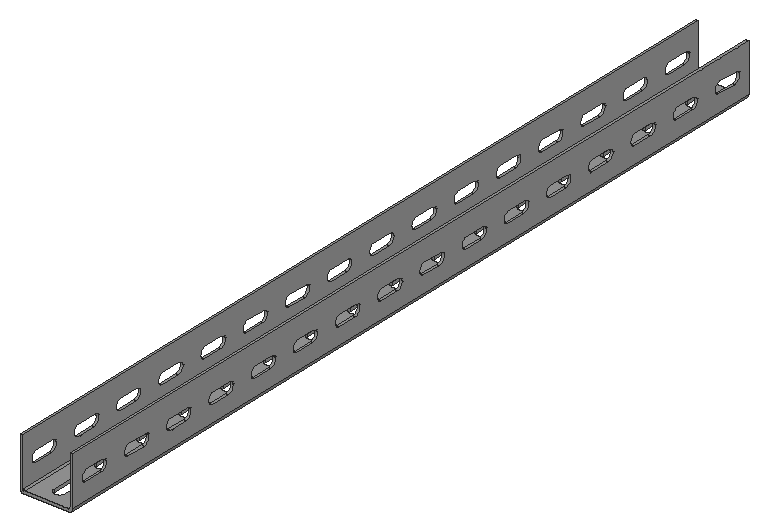
Revit family "U-Stiel, US 5 80 FT,A2,A4", category Generic Models, Revit 2017
Family settings
  Can host rebar = No
  Round Connector Dimension = Use Diameter
  Part Type = Normal
  Work Plane-Based = No
  Always vertical = Yes
  Cut with Voids When Loaded = No
  Shared = No
  Room Calculation Point = No
Parameters (values of type "US 5 80 FT")
  Width 1 = Width / 2  # 25 mm
  Width = 50 mm
  URL = "http://www.obo-bettermann.com"
  Material = Hot-dip galvanised
  Manufacturer Art.No. = "6340954"
  Manufacturer = "OBO Bettermann"
  Length = 800 mm
  Height = 50 mm
  GTIN = "4012196044047"
  Cut's space = 50 mm
  Cut's number = Length / Cut's space  # 16
  Article Type = "US 5 80 FT"
Types (4, lengths in mm): name | Material | Manufacturer Art.No. | GTIN | Article Type
  (no name) | Hot-dip galvanised | "6340954" | "4012196044047" | "US 5 80 FT"
  US 5 80 FT | Hot-dip galvanised | "6340954" | "4012196044047" | "US 5 80 FT"
  US 5 80 A2 | Stainless steel, A2 | "6341125" | "4012196081912" | "US 5 80 A2"
  US 5 80 A4 | Stainless steel, A4 | "6341063" | "4012196237135" | "US 5 80 A4"
Reference planes
  plane 1 "Center (Front/Back)": y = 0
  plane 2: z = 0
  plane 3 "Center (Left/Right)": x = 0
  plane 4: z = 50
  plane 5: y = 25
  plane 6: z = 25
  plane 7: y = 75
  plane 8: y = 10
  plane 9: y = 40
  plane 10: y = 75
  plane 11: y = 90
  plane 12: y = 140
  plane 13: y = 190
  plane 14: y = 240
  plane 15: y = 290
  plane 16: y = 340
  plane 17: y = 390
  plane 18: y = 440
  plane 19: y = 490
  plane 20: y = 540
  plane 21: y = 590
  plane 22: y = 640
  plane 23: y = 690
  plane 24: y = 740
  plane 25: y = 790
Forms (mm)
  Extrusion 1, solid, material "Hot-dip galvanised" <- "Material"
    sketch origin (0, 0, 0) x (1, 0, 0) y (0, 0, 1)
      loop
        line (-25, 50) -> (-25, 3.7)
        arc (-25, 3.7) -> (-23.916, 1.084) -> (-21.3, 0) r 3.7
        line (-21.3, 0) -> (21.336, 0)
        arc (21.336, 0) -> (23.927, 1.073) -> (25, 3.664) r 3.664
        line (25, 3.664) -> (25, 50) -> (22.5, 50) -> (22.5, 4)
        arc (22.5, 4) -> (22.061, 2.939) -> (21, 2.5) r 1.5
        line (21, 2.5) -> (-21, 2.5)
        arc (-21, 2.5) -> (-22.061, 2.939) -> (-22.5, 4) r 1.5
        line (-22.5, 4) -> (-22.5, 50) -> (-25, 50)
    from -800 to 0
  Extrusion 2, void
    sketch origin (0, 0, 0) x (0, 1, 0) y (0, 0, 1)
      loop
        arc (15.607, 30.5) -> (10.107, 25) -> (15.607, 19.5) r 5.5
        line (15.607, 19.5) -> (34.607, 19.5)
        arc (34.607, 19.5) -> (40.107, 25) -> (34.607, 30.5) r 5.5
        line (34.607, 30.5) -> (15.607, 30.5)
    from 22.5 to 25
  Extrusion 3, void
    sketch origin (0, -100, 0) x (0, -1, 0) y (0, 0, 1)
      loop
        line (-115.607, 30.5) -> (-134.607, 30.5)
        arc (-134.607, 30.5) -> (-140.107, 25) -> (-134.607, 19.5) r 5.5
        line (-134.607, 19.5) -> (-115.607, 19.5)
        arc (-115.607, 19.5) -> (-110.107, 25) -> (-115.607, 30.5) r 5.5
    from 22.5 to 25
  Extrusion 4, void
    sketch origin (0, -50, 0) x (0, -1, 0) y (0, 0, 1)
      loop
        line (-115.607, 30.5) -> (-134.607, 30.5)
        arc (-134.607, 30.5) -> (-140.107, 25) -> (-134.607, 19.5) r 5.5
        line (-134.607, 19.5) -> (-115.607, 19.5)
        arc (-115.607, 19.5) -> (-110.107, 25) -> (-115.607, 30.5) r 5.5
    from 22.5 to 25
  Extrusion 5, void
    sketch origin (0, 0, 0) x (0, -1, 0) y (0, 0, 1)
      loop
        line (-115.607, 30.5) -> (-134.607, 30.5)
        arc (-134.607, 30.5) -> (-140.107, 25) -> (-134.607, 19.5) r 5.5
        line (-134.607, 19.5) -> (-115.607, 19.5)
        arc (-115.607, 19.5) -> (-110.107, 25) -> (-115.607, 30.5) r 5.5
    from 22.5 to 25
  Extrusion 6, void
    sketch origin (0, 50, 0) x (0, -1, 0) y (0, 0, 1)
      loop
        line (-115.607, 30.5) -> (-134.607, 30.5)
        arc (-134.607, 30.5) -> (-140.107, 25) -> (-134.607, 19.5) r 5.5
        line (-134.607, 19.5) -> (-115.607, 19.5)
        arc (-115.607, 19.5) -> (-110.107, 25) -> (-115.607, 30.5) r 5.5
    from 22.5 to 25
  Extrusion 7, void
    sketch origin (0, 100, 0) x (0, -1, 0) y (0, 0, 1)
      loop
        line (-115.607, 30.5) -> (-134.607, 30.5)
        arc (-134.607, 30.5) -> (-140.107, 25) -> (-134.607, 19.5) r 5.5
        line (-134.607, 19.5) -> (-115.607, 19.5)
        arc (-115.607, 19.5) -> (-110.107, 25) -> (-115.607, 30.5) r 5.5
    from 22.5 to 25
  Extrusion 8, void
    sketch origin (0, 150, 0) x (0, -1, 0) y (0, 0, 1)
      loop
        line (-115.607, 30.5) -> (-134.607, 30.5)
        arc (-134.607, 30.5) -> (-140.107, 25) -> (-134.607, 19.5) r 5.5
        line (-134.607, 19.5) -> (-115.607, 19.5)
        arc (-115.607, 19.5) -> (-110.107, 25) -> (-115.607, 30.5) r 5.5
    from 22.5 to 25
  Extrusion 9, void
    sketch origin (0, 200, 0) x (0, -1, 0) y (0, 0, 1)
      loop
        line (-115.607, 30.5) -> (-134.607, 30.5)
        arc (-134.607, 30.5) -> (-140.107, 25) -> (-134.607, 19.5) r 5.5
        line (-134.607, 19.5) -> (-115.607, 19.5)
        arc (-115.607, 19.5) -> (-110.107, 25) -> (-115.607, 30.5) r 5.5
    from 22.5 to 25
  Extrusion 10, void
    sketch origin (0, 250, 0) x (0, -1, 0) y (0, 0, 1)
      loop
        line (-115.607, 30.5) -> (-134.607, 30.5)
        arc (-134.607, 30.5) -> (-140.107, 25) -> (-134.607, 19.5) r 5.5
        line (-134.607, 19.5) -> (-115.607, 19.5)
        arc (-115.607, 19.5) -> (-110.107, 25) -> (-115.607, 30.5) r 5.5
    from 22.5 to 25
  Extrusion 11, void
    sketch origin (0, 300, 0) x (0, -1, 0) y (0, 0, 1)
      loop
        line (-115.607, 30.5) -> (-134.607, 30.5)
        arc (-134.607, 30.5) -> (-140.107, 25) -> (-134.607, 19.5) r 5.5
        line (-134.607, 19.5) -> (-115.607, 19.5)
        arc (-115.607, 19.5) -> (-110.107, 25) -> (-115.607, 30.5) r 5.5
    from 22.5 to 25
  Extrusion 12, void
    sketch origin (0, 350, 0) x (0, -1, 0) y (0, 0, 1)
      loop
        line (-115.607, 30.5) -> (-134.607, 30.5)
        arc (-134.607, 30.5) -> (-140.107, 25) -> (-134.607, 19.5) r 5.5
        line (-134.607, 19.5) -> (-115.607, 19.5)
        arc (-115.607, 19.5) -> (-110.107, 25) -> (-115.607, 30.5) r 5.5
    from 22.5 to 25
  Extrusion 13, void
    sketch origin (0, 400, 0) x (0, -1, 0) y (0, 0, 1)
      loop
        line (-115.607, 30.5) -> (-134.607, 30.5)
        arc (-134.607, 30.5) -> (-140.107, 25) -> (-134.607, 19.5) r 5.5
        line (-134.607, 19.5) -> (-115.607, 19.5)
        arc (-115.607, 19.5) -> (-110.107, 25) -> (-115.607, 30.5) r 5.5
    from 22.5 to 25
  Extrusion 14, void
    sketch origin (0, 450, 0) x (0, -1, 0) y (0, 0, 1)
      loop
        line (-115.607, 30.5) -> (-134.607, 30.5)
        arc (-134.607, 30.5) -> (-140.107, 25) -> (-134.607, 19.5) r 5.5
        line (-134.607, 19.5) -> (-115.607, 19.5)
        arc (-115.607, 19.5) -> (-110.107, 25) -> (-115.607, 30.5) r 5.5
    from 22.5 to 25
  Extrusion 15, void
    sketch origin (0, 0, 0) x (1, 0, 0) y (0, 1, 0)
      loop
        arc (-5.5, 15.5) -> (0, 10) -> (5.5, 15.5) r 5.5
        line (5.5, 15.5) -> (5.5, 34.5)
        arc (5.5, 34.5) -> (0, 40) -> (-5.5, 34.5) r 5.5
        line (-5.5, 34.5) -> (-5.5, 15.5)
    from 0 to 2.5
  Extrusion 16, void
    sketch origin (0, 50, 0) x (1, 0, 0) y (0, 1, 0)
      loop
        arc (-5.5, 15.5) -> (0, 10) -> (5.5, 15.5) r 5.5
        line (5.5, 15.5) -> (5.5, 34.5)
        arc (5.5, 34.5) -> (0, 40) -> (-5.5, 34.5) r 5.5
        line (-5.5, 34.5) -> (-5.5, 15.5)
    from 0 to 2.5
  Extrusion 17, void
    sketch origin (0, 100, 0) x (1, 0, 0) y (0, 1, 0)
      loop
        arc (-5.5, 15.5) -> (0, 10) -> (5.5, 15.5) r 5.5
        line (5.5, 15.5) -> (5.5, 34.5)
        arc (5.5, 34.5) -> (0, 40) -> (-5.5, 34.5) r 5.5
        line (-5.5, 34.5) -> (-5.5, 15.5)
    from 0 to 2.5
  Extrusion 18, void
    sketch origin (0, 150, 0) x (1, 0, 0) y (0, 1, 0)
      loop
        arc (-5.5, 15.5) -> (0, 10) -> (5.5, 15.5) r 5.5
        line (5.5, 15.5) -> (5.5, 34.5)
        arc (5.5, 34.5) -> (0, 40) -> (-5.5, 34.5) r 5.5
        line (-5.5, 34.5) -> (-5.5, 15.5)
    from 0 to 2.5
  Extrusion 19, void
    sketch origin (0, 200, 0) x (1, 0, 0) y (0, 1, 0)
      loop
        arc (-5.5, 15.5) -> (0, 10) -> (5.5, 15.5) r 5.5
        line (5.5, 15.5) -> (5.5, 34.5)
        arc (5.5, 34.5) -> (0, 40) -> (-5.5, 34.5) r 5.5
        line (-5.5, 34.5) -> (-5.5, 15.5)
    from 0 to 2.5
  Extrusion 20, void
    sketch origin (0, 250, 0) x (1, 0, 0) y (0, 1, 0)
      loop
        arc (-5.5, 15.5) -> (0, 10) -> (5.5, 15.5) r 5.5
        line (5.5, 15.5) -> (5.5, 34.5)
        arc (5.5, 34.5) -> (0, 40) -> (-5.5, 34.5) r 5.5
        line (-5.5, 34.5) -> (-5.5, 15.5)
    from 0 to 2.5
  Extrusion 21, void
    sketch origin (0, 300, 0) x (1, 0, 0) y (0, 1, 0)
      loop
        arc (-5.5, 15.5) -> (0, 10) -> (5.5, 15.5) r 5.5
        line (5.5, 15.5) -> (5.5, 34.5)
        arc (5.5, 34.5) -> (0, 40) -> (-5.5, 34.5) r 5.5
        line (-5.5, 34.5) -> (-5.5, 15.5)
    from 0 to 2.5
  Extrusion 22, void
    sketch origin (0, 350, 0) x (1, 0, 0) y (0, 1, 0)
      loop
        arc (-5.5, 15.5) -> (0, 10) -> (5.5, 15.5) r 5.5
        line (5.5, 15.5) -> (5.5, 34.5)
        arc (5.5, 34.5) -> (0, 40) -> (-5.5, 34.5) r 5.5
        line (-5.5, 34.5) -> (-5.5, 15.5)
    from 0 to 2.5
  Extrusion 23, void
    sketch origin (0, 400, 0) x (1, 0, 0) y (0, 1, 0)
      loop
        arc (-5.5, 15.5) -> (0, 10) -> (5.5, 15.5) r 5.5
        line (5.5, 15.5) -> (5.5, 34.5)
        arc (5.5, 34.5) -> (0, 40) -> (-5.5, 34.5) r 5.5
        line (-5.5, 34.5) -> (-5.5, 15.5)
    from 0 to 2.5
  Extrusion 24, void
    sketch origin (0, 450, 0) x (1, 0, 0) y (0, 1, 0)
      loop
        arc (-5.5, 15.5) -> (0, 10) -> (5.5, 15.5) r 5.5
        line (5.5, 15.5) -> (5.5, 34.5)
        arc (5.5, 34.5) -> (0, 40) -> (-5.5, 34.5) r 5.5
        line (-5.5, 34.5) -> (-5.5, 15.5)
    from 0 to 2.5
  Extrusion 25, void
    sketch origin (0, 500, 0) x (1, 0, 0) y (0, 1, 0)
      loop
        arc (-5.5, 15.5) -> (0, 10) -> (5.5, 15.5) r 5.5
        line (5.5, 15.5) -> (5.5, 34.5)
        arc (5.5, 34.5) -> (0, 40) -> (-5.5, 34.5) r 5.5
        line (-5.5, 34.5) -> (-5.5, 15.5)
    from 0 to 2.5
  Extrusion 26, void
    sketch origin (0, 550, 0) x (1, 0, 0) y (0, 1, 0)
      loop
        arc (-5.5, 15.5) -> (0, 10) -> (5.5, 15.5) r 5.5
        line (5.5, 15.5) -> (5.5, 34.5)
        arc (5.5, 34.5) -> (0, 40) -> (-5.5, 34.5) r 5.5
        line (-5.5, 34.5) -> (-5.5, 15.5)
    from 0 to 2.5
  Extrusion 27, void
    sketch origin (0, 500, 0) x (0, -1, 0) y (0, 0, 1)
      loop
        line (-115.607, 30.5) -> (-134.607, 30.5)
        arc (-134.607, 30.5) -> (-140.107, 25) -> (-134.607, 19.5) r 5.5
        line (-134.607, 19.5) -> (-115.607, 19.5)
        arc (-115.607, 19.5) -> (-110.107, 25) -> (-115.607, 30.5) r 5.5
    from 22.5 to 25
  Extrusion 28, void
    sketch origin (0, 550, 0) x (0, -1, 0) y (0, 0, 1)
      loop
        line (-115.607, 30.5) -> (-134.607, 30.5)
        arc (-134.607, 30.5) -> (-140.107, 25) -> (-134.607, 19.5) r 5.5
        line (-134.607, 19.5) -> (-115.607, 19.5)
        arc (-115.607, 19.5) -> (-110.107, 25) -> (-115.607, 30.5) r 5.5
    from 22.5 to 25
  Extrusion 29, void
    sketch origin (0, 600, 0) x (0, -1, 0) y (0, 0, 1)
      loop
        line (-115.607, 30.5) -> (-134.607, 30.5)
        arc (-134.607, 30.5) -> (-140.107, 25) -> (-134.607, 19.5) r 5.5
        line (-134.607, 19.5) -> (-115.607, 19.5)
        arc (-115.607, 19.5) -> (-110.107, 25) -> (-115.607, 30.5) r 5.5
    from 22.5 to 25
  Extrusion 30, void
    sketch origin (0, 650, 0) x (0, -1, 0) y (0, 0, 1)
      loop
        line (-115.607, 30.5) -> (-134.607, 30.5)
        arc (-134.607, 30.5) -> (-140.107, 25) -> (-134.607, 19.5) r 5.5
        line (-134.607, 19.5) -> (-115.607, 19.5)
        arc (-115.607, 19.5) -> (-110.107, 25) -> (-115.607, 30.5) r 5.5
    from 22.5 to 25
  Extrusion 31, void
    sketch origin (0, 600, 0) x (1, 0, 0) y (0, 1, 0)
      loop
        arc (-5.5, 15.5) -> (0, 10) -> (5.5, 15.5) r 5.5
        line (5.5, 15.5) -> (5.5, 34.5)
        arc (5.5, 34.5) -> (0, 40) -> (-5.5, 34.5) r 5.5
        line (-5.5, 34.5) -> (-5.5, 15.5)
    from 0 to 2.5
  Extrusion 32, void
    sketch origin (0, 650, 0) x (1, 0, 0) y (0, 1, 0)
      loop
        arc (-5.5, 15.5) -> (0, 10) -> (5.5, 15.5) r 5.5
        line (5.5, 15.5) -> (5.5, 34.5)
        arc (5.5, 34.5) -> (0, 40) -> (-5.5, 34.5) r 5.5
        line (-5.5, 34.5) -> (-5.5, 15.5)
    from 0 to 2.5
  Extrusion 33, void
    sketch origin (0, 700, 0) x (1, 0, 0) y (0, 1, 0)
      loop
        arc (-5.5, 15.5) -> (0, 10) -> (5.5, 15.5) r 5.5
        line (5.5, 15.5) -> (5.5, 34.5)
        arc (5.5, 34.5) -> (0, 40) -> (-5.5, 34.5) r 5.5
        line (-5.5, 34.5) -> (-5.5, 15.5)
    from 0 to 2.5
  Extrusion 34, void
    sketch origin (0, 750, 0) x (1, 0, 0) y (0, 1, 0)
      loop
        arc (-5.5, 15.5) -> (0, 10) -> (5.5, 15.5) r 5.5
        line (5.5, 15.5) -> (5.5, 34.5)
        arc (5.5, 34.5) -> (0, 40) -> (-5.5, 34.5) r 5.5
        line (-5.5, 34.5) -> (-5.5, 15.5)
    from 0 to 2.5
  Extrusion 35, void
    sketch origin (0, 50, 0) x (0, 1, 0) y (0, 0, 1)
      loop
        arc (15.607, 30.5) -> (10.107, 25) -> (15.607, 19.5) r 5.5
        line (15.607, 19.5) -> (34.607, 19.5)
        arc (34.607, 19.5) -> (40.107, 25) -> (34.607, 30.5) r 5.5
        line (34.607, 30.5) -> (15.607, 30.5)
    from 22.5 to 25
  Extrusion 36, void
    sketch origin (0, 100, 0) x (0, 1, 0) y (0, 0, 1)
      loop
        arc (15.607, 30.5) -> (10.107, 25) -> (15.607, 19.5) r 5.5
        line (15.607, 19.5) -> (34.607, 19.5)
        arc (34.607, 19.5) -> (40.107, 25) -> (34.607, 30.5) r 5.5
        line (34.607, 30.5) -> (15.607, 30.5)
    from 22.5 to 25
  Extrusion 37, void
    sketch origin (0, 150, 0) x (0, 1, 0) y (0, 0, 1)
      loop
        arc (15.607, 30.5) -> (10.107, 25) -> (15.607, 19.5) r 5.5
        line (15.607, 19.5) -> (34.607, 19.5)
        arc (34.607, 19.5) -> (40.107, 25) -> (34.607, 30.5) r 5.5
        line (34.607, 30.5) -> (15.607, 30.5)
    from 22.5 to 25
  Extrusion 38, void
    sketch origin (0, 200, 0) x (0, 1, 0) y (0, 0, 1)
      loop
        arc (15.607, 30.5) -> (10.107, 25) -> (15.607, 19.5) r 5.5
        line (15.607, 19.5) -> (34.607, 19.5)
        arc (34.607, 19.5) -> (40.107, 25) -> (34.607, 30.5) r 5.5
        line (34.607, 30.5) -> (15.607, 30.5)
    from 22.5 to 25
  Extrusion 39, void
    sketch origin (0, 250, 0) x (0, 1, 0) y (0, 0, 1)
      loop
        arc (15.607, 30.5) -> (10.107, 25) -> (15.607, 19.5) r 5.5
        line (15.607, 19.5) -> (34.607, 19.5)
        arc (34.607, 19.5) -> (40.107, 25) -> (34.607, 30.5) r 5.5
        line (34.607, 30.5) -> (15.607, 30.5)
    from 22.5 to 25
  Extrusion 40, void
    sketch origin (0, 300, 0) x (0, 1, 0) y (0, 0, 1)
      loop
        arc (15.607, 30.5) -> (10.107, 25) -> (15.607, 19.5) r 5.5
        line (15.607, 19.5) -> (34.607, 19.5)
        arc (34.607, 19.5) -> (40.107, 25) -> (34.607, 30.5) r 5.5
        line (34.607, 30.5) -> (15.607, 30.5)
    from 22.5 to 25
  Extrusion 41, void
    sketch origin (0, 350, 0) x (0, 1, 0) y (0, 0, 1)
      loop
        arc (15.607, 30.5) -> (10.107, 25) -> (15.607, 19.5) r 5.5
        line (15.607, 19.5) -> (34.607, 19.5)
        arc (34.607, 19.5) -> (40.107, 25) -> (34.607, 30.5) r 5.5
        line (34.607, 30.5) -> (15.607, 30.5)
    from 22.5 to 25
  Extrusion 42, void
    sketch origin (0, 400, 0) x (0, 1, 0) y (0, 0, 1)
      loop
        arc (15.607, 30.5) -> (10.107, 25) -> (15.607, 19.5) r 5.5
        line (15.607, 19.5) -> (34.607, 19.5)
        arc (34.607, 19.5) -> (40.107, 25) -> (34.607, 30.5) r 5.5
        line (34.607, 30.5) -> (15.607, 30.5)
    from 22.5 to 25
  Extrusion 43, void
    sketch origin (0, 450, 0) x (0, 1, 0) y (0, 0, 1)
      loop
        arc (15.607, 30.5) -> (10.107, 25) -> (15.607, 19.5) r 5.5
        line (15.607, 19.5) -> (34.607, 19.5)
        arc (34.607, 19.5) -> (40.107, 25) -> (34.607, 30.5) r 5.5
        line (34.607, 30.5) -> (15.607, 30.5)
    from 22.5 to 25
  Extrusion 44, void
    sketch origin (0, 500, 0) x (0, 1, 0) y (0, 0, 1)
      loop
        arc (15.607, 30.5) -> (10.107, 25) -> (15.607, 19.5) r 5.5
        line (15.607, 19.5) -> (34.607, 19.5)
        arc (34.607, 19.5) -> (40.107, 25) -> (34.607, 30.5) r 5.5
        line (34.607, 30.5) -> (15.607, 30.5)
    from 22.5 to 25
  Extrusion 45, void
    sketch origin (0, 550, 0) x (0, 1, 0) y (0, 0, 1)
      loop
        arc (15.607, 30.5) -> (10.107, 25) -> (15.607, 19.5) r 5.5
        line (15.607, 19.5) -> (34.607, 19.5)
        arc (34.607, 19.5) -> (40.107, 25) -> (34.607, 30.5) r 5.5
        line (34.607, 30.5) -> (15.607, 30.5)
    from 22.5 to 25
  Extrusion 46, void
    sketch origin (0, 600, 0) x (0, 1, 0) y (0, 0, 1)
      loop
        arc (15.607, 30.5) -> (10.107, 25) -> (15.607, 19.5) r 5.5
        line (15.607, 19.5) -> (34.607, 19.5)
        arc (34.607, 19.5) -> (40.107, 25) -> (34.607, 30.5) r 5.5
        line (34.607, 30.5) -> (15.607, 30.5)
    from 22.5 to 25
  Extrusion 47, void
    sketch origin (0, 650, 0) x (0, 1, 0) y (0, 0, 1)
      loop
        arc (15.607, 30.5) -> (10.107, 25) -> (15.607, 19.5) r 5.5
        line (15.607, 19.5) -> (34.607, 19.5)
        arc (34.607, 19.5) -> (40.107, 25) -> (34.607, 30.5) r 5.5
        line (34.607, 30.5) -> (15.607, 30.5)
    from 22.5 to 25
  Extrusion 48, void
    sketch origin (0, 700, 0) x (0, 1, 0) y (0, 0, 1)
      loop
        arc (15.607, 30.5) -> (10.107, 25) -> (15.607, 19.5) r 5.5
        line (15.607, 19.5) -> (34.607, 19.5)
        arc (34.607, 19.5) -> (40.107, 25) -> (34.607, 30.5) r 5.5
        line (34.607, 30.5) -> (15.607, 30.5)
    from 22.5 to 25
  Extrusion 49, void
    sketch origin (0, 750, 0) x (0, 1, 0) y (0, 0, 1)
      loop
        arc (15.607, 30.5) -> (10.107, 25) -> (15.607, 19.5) r 5.5
        line (15.607, 19.5) -> (34.607, 19.5)
        arc (34.607, 19.5) -> (40.107, 25) -> (34.607, 30.5) r 5.5
        line (34.607, 30.5) -> (15.607, 30.5)
    from 22.5 to 25
Cuts and joins
  Extrusion 2, Extrusion 3, Extrusion 4, Extrusion 5, Extrusion 6, Extrusion 7, Extrusion 8, Extrusion 9, Extrusion 10, Extrusion 11, Extrusion 12, Extrusion 13, Extrusion 14, Extrusion 15, Extrusion 16, Extrusion 17, Extrusion 18, Extrusion 19, Extrusion 20, Extrusion 21, Extrusion 22, Extrusion 23, Extrusion 24, Extrusion 25, Extrusion 26, Extrusion 27, Extrusion 28, Extrusion 29, Extrusion 30, Extrusion 31, Extrusion 32, Extrusion 33, Extrusion 34, Extrusion 35, Extrusion 36, Extrusion 37, Extrusion 38, Extrusion 39, Extrusion 40, Extrusion 41, Extrusion 42, Extrusion 43, Extrusion 44, Extrusion 45, Extrusion 46, Extrusion 47, Extrusion 48, Extrusion 49 cuts Extrusion 1
Dimensions and locks
  "Width 1": Extrusion 1 sketch curve to plane 3 "Center (Left/Right)"  (x2)
  "Height": plane 4 to level
  locked: Extrusion 1 to Extrusion 1 at 2.5  (x5)
  "Length": Extrusion 1 to Extrusion 1
  locked: Extrusion 1 to plane 5 at 25
  locked: plane 6 to level at 25
  locked: Extrusion 2 sketch curve to Extrusion 2 sketch curve at 11
  locked: plane 5 to plane 7 at 50
  locked: Extrusion 3 sketch curve to Extrusion 3 sketch curve at 11
  locked: Extrusion 4 sketch curve to Extrusion 4 sketch curve at 11
  locked: Extrusion 5 sketch curve to Extrusion 5 sketch curve at 11
  locked: Extrusion 6 sketch curve to Extrusion 6 sketch curve at 11
  locked: Extrusion 7 sketch curve to Extrusion 7 sketch curve at 11
  locked: Extrusion 8 sketch curve to Extrusion 8 sketch curve at 11
  locked: Extrusion 9 sketch curve to Extrusion 9 sketch curve at 11
  locked: Extrusion 10 sketch curve to Extrusion 10 sketch curve at 11
  locked: Extrusion 11 sketch curve to Extrusion 11 sketch curve at 11
  locked: Extrusion 12 sketch curve to Extrusion 12 sketch curve at 11
  locked: Extrusion 13 sketch curve to Extrusion 13 sketch curve at 11
  locked: Extrusion 14 sketch curve to Extrusion 14 sketch curve at 11
  locked: cut or joined group 1 (Extrusion 1, Extrusion 2, Extrusion 3, Extrusion 4, Extrusion 5, Extrusion 6, Extrusion 7, Extrusion 8, Extrusion 9, Extrusion 10, Extrusion 11, Extrusion 12, Extrusion 13, Extrusion 14, Extrusion 15, Extrusion 16, Extrusion 17, Extrusion 18, Extrusion 19, Extrusion 20, Extrusion 21, Extrusion 22, Extrusion 23, Extrusion 24, Extrusion 25, Extrusion 26, Extrusion 27, Extrusion 28, Extrusion 29, Extrusion 30, Extrusion 31, Extrusion 32, Extrusion 33, Extrusion 34, Extrusion 35, Extrusion 36, Extrusion 37, Extrusion 38, Extrusion 39, Extrusion 40, Extrusion 41, Extrusion 42, Extrusion 43, Extrusion 44, Extrusion 45, Extrusion 46, Extrusion 47, Extrusion 48, Extrusion 49) to plane 8 at 10
  locked: Extrusion 15 sketch curve to Extrusion 15 sketch curve at 11
  Extrusion 15 sketch curve to Extrusion 15 sketch curve = 19 mm
  plane 9 to plane 8 = 30 mm
  plane 10 to plane 5 = 50 mm
  locked: Extrusion 16 sketch curve to Extrusion 16 sketch curve at 11
  Extrusion 16 sketch curve to Extrusion 16 sketch curve = 19 mm
  equal spacing: group 12, group 13, group 14, group 15, group 16, group 17, group 18, group 19, group 20, group 21, group 22, group 23, group 28, group 29, group 30, group 31  (x3)
  locked: Extrusion 17 sketch curve to Extrusion 17 sketch curve at 11
  Extrusion 17 sketch curve to Extrusion 17 sketch curve = 19 mm
  locked: Extrusion 18 sketch curve to Extrusion 18 sketch curve at 11
  Extrusion 18 sketch curve to Extrusion 18 sketch curve = 19 mm
  locked: Extrusion 19 sketch curve to Extrusion 19 sketch curve at 11
  Extrusion 19 sketch curve to Extrusion 19 sketch curve = 19 mm
  locked: Extrusion 20 sketch curve to Extrusion 20 sketch curve at 11
  Extrusion 20 sketch curve to Extrusion 20 sketch curve = 19 mm
  locked: Extrusion 21 sketch curve to Extrusion 21 sketch curve at 11
  Extrusion 21 sketch curve to Extrusion 21 sketch curve = 19 mm
  locked: Extrusion 22 sketch curve to Extrusion 22 sketch curve at 11
  Extrusion 22 sketch curve to Extrusion 22 sketch curve = 19 mm
  locked: Extrusion 23 sketch curve to Extrusion 23 sketch curve at 11
  Extrusion 23 sketch curve to Extrusion 23 sketch curve = 19 mm
  locked: Extrusion 24 sketch curve to Extrusion 24 sketch curve at 11
  Extrusion 24 sketch curve to Extrusion 24 sketch curve = 19 mm
  locked: Extrusion 25 sketch curve to Extrusion 25 sketch curve at 11
  Extrusion 25 sketch curve to Extrusion 25 sketch curve = 19 mm
  locked: Extrusion 26 sketch curve to Extrusion 26 sketch curve at 11
  Extrusion 26 sketch curve to Extrusion 26 sketch curve = 19 mm
  cut or joined group 1 to cut or joined group 1 = 800 mm
  locked: Extrusion 27 sketch curve to Extrusion 27 sketch curve at 11
  locked: Extrusion 28 sketch curve to Extrusion 28 sketch curve at 11
  locked: Extrusion 29 sketch curve to Extrusion 29 sketch curve at 11
  locked: Extrusion 30 sketch curve to Extrusion 30 sketch curve at 11
  locked: Extrusion 31 sketch curve to Extrusion 31 sketch curve at 11
  Extrusion 31 sketch curve to Extrusion 31 sketch curve = 19 mm
  locked: Extrusion 32 sketch curve to Extrusion 32 sketch curve at 11
  Extrusion 32 sketch curve to Extrusion 32 sketch curve = 19 mm
  locked: Extrusion 33 sketch curve to Extrusion 33 sketch curve at 11
  Extrusion 33 sketch curve to Extrusion 33 sketch curve = 19 mm
  locked: Extrusion 34 sketch curve to Extrusion 34 sketch curve at 11
  Extrusion 34 sketch curve to Extrusion 34 sketch curve = 19 mm
  locked: Extrusion 35 sketch curve to Extrusion 35 sketch curve at 11
  equal spacing: group 32, group 33, group 34, group 35, group 36, group 37, group 38, group 39, group 40, group 41, group 42, group 43, group 44, group 45, group 46, group 47  (x3)
  locked: Extrusion 36 sketch curve to Extrusion 36 sketch curve at 11
  locked: Extrusion 37 sketch curve to Extrusion 37 sketch curve at 11
  locked: Extrusion 38 sketch curve to Extrusion 38 sketch curve at 11
  locked: Extrusion 39 sketch curve to Extrusion 39 sketch curve at 11
  locked: Extrusion 40 sketch curve to Extrusion 40 sketch curve at 11
  locked: Extrusion 41 sketch curve to Extrusion 41 sketch curve at 11
  locked: Extrusion 42 sketch curve to Extrusion 42 sketch curve at 11
  locked: Extrusion 43 sketch curve to Extrusion 43 sketch curve at 11
  locked: Extrusion 44 sketch curve to Extrusion 44 sketch curve at 11
  locked: Extrusion 45 sketch curve to Extrusion 45 sketch curve at 11
  locked: Extrusion 46 sketch curve to Extrusion 46 sketch curve at 11
  locked: Extrusion 47 sketch curve to Extrusion 47 sketch curve at 11
  locked: Extrusion 48 sketch curve to Extrusion 48 sketch curve at 11
  locked: Extrusion 49 sketch curve to Extrusion 49 sketch curve at 11
  aligned and locked: level to plane 2
  aligned and locked: Extrusion 1 to Extrusion 1
  aligned and locked: Extrusion 1 to level
  aligned and locked: plane 1 "Center (Front/Back)" to Extrusion 1
  aligned and locked: Extrusion 1 to Extrusion 2  (x2)
  aligned and locked: Extrusion 1 to Extrusion 15
  aligned and locked: Extrusion 1 to plane 2
  aligned and locked: cut or joined group 1 to cut or joined group 1
Automatic sketch dimensions
  Extrusion 3 sketch curve to Extrusion 3 sketch curve = 19 mm
  Extrusion 4 sketch curve to Extrusion 4 sketch curve = 19 mm
  Extrusion 5 sketch curve to Extrusion 5 sketch curve = 19 mm
  Extrusion 6 sketch curve to Extrusion 6 sketch curve = 19 mm
  Extrusion 7 sketch curve to Extrusion 7 sketch curve = 19 mm
  Extrusion 8 sketch curve to Extrusion 8 sketch curve = 19 mm
  Extrusion 9 sketch curve to Extrusion 9 sketch curve = 19 mm
  Extrusion 10 sketch curve to Extrusion 10 sketch curve = 19 mm
  Extrusion 11 sketch curve to Extrusion 11 sketch curve = 19 mm
  Extrusion 12 sketch curve to Extrusion 12 sketch curve = 19 mm
  Extrusion 13 sketch curve to Extrusion 13 sketch curve = 19 mm
  Extrusion 14 sketch curve to Extrusion 14 sketch curve = 19 mm
  Extrusion 26 sketch curve to plane 21 = 24.5 mm
  Extrusion 15 sketch curve to plane 9 = 24.5 mm
  Extrusion 16 sketch curve to plane 11 = 24.5 mm
  Extrusion 17 sketch curve to plane 12 = 24.5 mm
  Extrusion 18 sketch curve to plane 13 = 24.5 mm
  Extrusion 19 sketch curve to plane 14 = 24.5 mm
  Extrusion 20 sketch curve to plane 15 = 24.5 mm
  Extrusion 21 sketch curve to plane 16 = 24.5 mm
  Extrusion 22 sketch curve to plane 17 = 24.5 mm
  Extrusion 23 sketch curve to plane 18 = 24.5 mm
  Extrusion 24 sketch curve to plane 19 = 24.5 mm
  Extrusion 25 sketch curve to plane 20 = 24.5 mm
  Extrusion 27 sketch curve to Extrusion 27 sketch curve = 19 mm
  Extrusion 28 sketch curve to Extrusion 28 sketch curve = 19 mm
  Extrusion 29 sketch curve to Extrusion 29 sketch curve = 19 mm
  Extrusion 30 sketch curve to Extrusion 30 sketch curve = 19 mm
  Extrusion 31 sketch curve to plane 22 = 24.5 mm
  Extrusion 32 sketch curve to plane 23 = 24.5 mm
  Extrusion 33 sketch curve to plane 24 = 24.5 mm
  Extrusion 34 sketch curve to plane 25 = 24.5 mm
  Extrusion 3 sketch curve to plane 6 = 0 mm
  plane 5 to Extrusion 3 sketch curve = 9.607 mm
  Extrusion 2 sketch curve to Extrusion 2 sketch curve = 19 mm
  Extrusion 35 sketch curve to Extrusion 35 sketch curve = 19 mm
  Extrusion 36 sketch curve to Extrusion 36 sketch curve = 19 mm
  Extrusion 37 sketch curve to Extrusion 37 sketch curve = 19 mm
  Extrusion 38 sketch curve to Extrusion 38 sketch curve = 19 mm
  Extrusion 39 sketch curve to Extrusion 39 sketch curve = 19 mm
  Extrusion 40 sketch curve to Extrusion 40 sketch curve = 19 mm
  Extrusion 41 sketch curve to Extrusion 41 sketch curve = 19 mm
  Extrusion 42 sketch curve to Extrusion 42 sketch curve = 19 mm
  Extrusion 43 sketch curve to Extrusion 43 sketch curve = 19 mm
  Extrusion 44 sketch curve to Extrusion 44 sketch curve = 19 mm
  Extrusion 45 sketch curve to Extrusion 45 sketch curve = 19 mm
  Extrusion 46 sketch curve to Extrusion 46 sketch curve = 19 mm
  Extrusion 47 sketch curve to Extrusion 47 sketch curve = 19 mm
  Extrusion 48 sketch curve to Extrusion 48 sketch curve = 19 mm
  Extrusion 49 sketch curve to Extrusion 49 sketch curve = 19 mm
  Extrusion 1 sketch curve to plane 4 = 0 mm  (x2)
  Extrusion 1 sketch curve to level = 0 mm
  Extrusion 1 sketch curve to Extrusion 1 sketch curve = 2.5 mm
  Extrusion 1 sketch curve to Extrusion 1 sketch curve = 1.2 mm  (x2)
  Extrusion 1 sketch curve to Extrusion 1 sketch curve = 0.3 mm
  Extrusion 1 sketch curve to Extrusion 1 sketch curve = 4 mm
  Extrusion 1 sketch curve to Extrusion 1 sketch curve = 0.336 mm
  Extrusion 1 sketch curve to Extrusion 1 sketch curve = 1.164 mm
